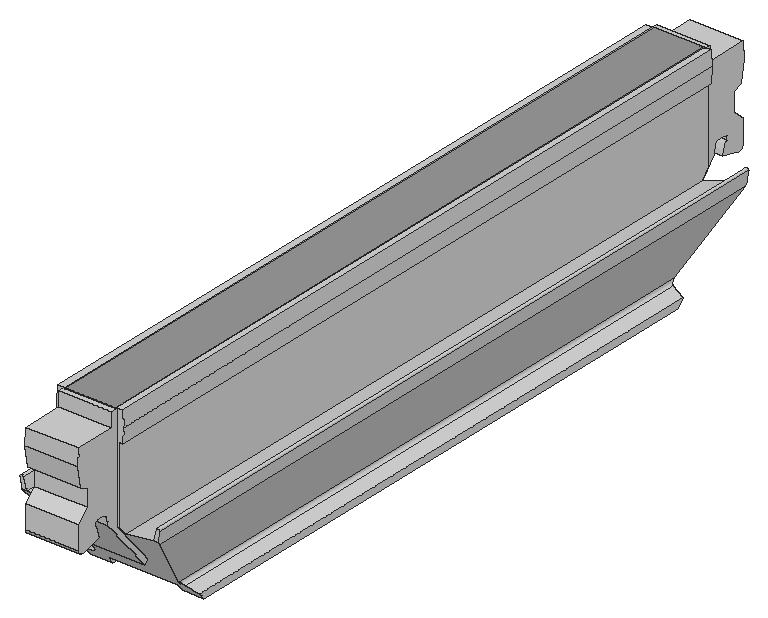
Revit family "CC4_BEAM CC W 27 0,375_1870710", category Generic Models, Revit 2018
Family settings
  Can host rebar = No
  Round Connector Dimension = Use Diameter
  Part Type = Normal
  OmniClass Number = 35.51.14.00
  OmniClass Title = FORMWORK
  Work Plane-Based = Yes
  Always vertical = No
  Cut with Voids When Loaded = No
  Shared = Yes
  Room Calculation Point = No
Parameters
  VERSION = "20190101"  # constant formula
  URL = "www.ulmaconstruction.com/en"
  UNICLASS = ""
  ITEM_CODE = "1870710"
  Manufacturer = "ULMA CONSTRUCTION"  # constant formula
  FILTER [instance] = ""
  Default Elevation = 0.000 mm
  CLASSIFICATION_TITLE = ""
  CLASSIFICATION_NUMBER = ""
Reference planes
  plane 1 "Centro (Frontal/Posterior)": y = 0
  plane 2: z = 0
  plane 3 "Centro (Izquierda/Derecha)": x = 0
  plane 4 "ITEM_LENGTH": y = 750
Forms (mm)
  Extrusion 1, solid, material "ULMA ZINC", detail levels fine
    sketch origin (0, 0, 0) x (1, 0, 0) y (0, 0, 1)
      loop
        line (-21, -27) -> (-26.845, -27) -> (-27.5, -39.498) -> (-27.282, -51.996) -> (-24.5, -51.996) -> (-24.5, -122.603) -> (-52.5, -115.1) -> (-55.064, -105.531)
        arc (-55.064, -105.531) -> (-56.805, -104.448) -> (-58, -106.115) r 1.5
        line (-58, -106.115) -> (-56.512, -117.419) -> (-35.076, -172.601)
        arc (-35.076, -172.601) -> (-35.149, -174.945) -> (-36.886, -176.521) r 3
        line (-36.886, -176.521) -> (-46.986, -180.038) -> (-46.986, -185.998) -> (-29, -185.998) -> (-29, -179.5) -> (29, -179.5) -> (29, -185.998) -> (46.986, -185.998) -> (46.986, -180.038) -> (36.886, -176.521)
        arc (36.886, -176.521) -> (35.149, -174.945) -> (35.076, -172.601) r 3
        line (35.076, -172.601) -> (56.512, -117.419) -> (58, -106.115)
        arc (58, -106.115) -> (56.805, -104.448) -> (55.064, -105.531) r 1.5
        line (55.064, -105.531) -> (52.5, -115.1) -> (24.5, -122.603) -> (24.5, -51.996) -> (27.282, -51.996) -> (27.5, -39.498) -> (26.845, -27) -> (21, -27) -> (21, -76.5) -> (-21, -76.5) -> (-21, -27)
    from -680 to -70
  Extrusion 2, solid, material "ULMA POLYPROPYLENE BLACK"
    sketch origin (0, 0, 0) x (1, 0, 0) y (0, 0, 1)
      loop
        line (-21, -27) -> (-21, -76.5) -> (21, -76.5) -> (21, -27) -> (-21, -27)
    from -680 to -70
  Extrusion 3, solid, material "ULMA ZINC", detail levels fine
    sketch origin (0, 0, 0) x (0, 1, 0) y (0, 0, 1)
      loop
        line (70, -27.52) -> (65, -27.52) -> (65, -39.52) -> (30.211, -39.52) -> (29.97, -53.32) -> (33, -70.32) -> (40, -72.868) -> (40, -87.55) -> (30.844, -96.706) -> (30.844, -115.701)
        arc (30.844, -115.701) -> (32.409, -118.875) -> (35.88, -119.565) r 4
        line (35.88, -119.565) -> (51.009, -115.511)
        arc (51.009, -115.511) -> (50.156, -110.233) -> (47.791, -105.438) r 18.004
        arc (47.791, -105.438) -> (47.629, -102.853) -> (49.844, -101.511) r 2.5
        line (49.844, -101.511) -> (57.072, -101.511)
        arc (57.072, -101.511) -> (58.684, -102.109) -> (59.536, -103.599) r 2.5
        line (59.536, -103.599) -> (60.708, -110.465) -> (99.353, -156.52) -> (102.573, -153.819) -> (70, -115) -> (70, -27.52)
    from -22 to 22
  Extrusion 4, solid, material "ULMA ZINC", detail levels fine
    sketch origin (0, 0, 0) x (0, 1, 0) y (0, 0, 1)
      loop
        line (680, -27.52) -> (680, -115) -> (647.427, -153.819) -> (650.647, -156.52) -> (689.292, -110.465) -> (690.464, -103.599)
        arc (690.464, -103.599) -> (691.316, -102.109) -> (692.928, -101.511) r 2.5
        line (692.928, -101.511) -> (700.156, -101.511)
        arc (700.156, -101.511) -> (702.371, -102.853) -> (702.209, -105.438) r 2.5
        arc (702.209, -105.438) -> (699.844, -110.233) -> (698.991, -115.511) r 18.004
        line (698.991, -115.511) -> (714.12, -119.565)
        arc (714.12, -119.565) -> (717.591, -118.875) -> (719.156, -115.701) r 4
        line (719.156, -115.701) -> (719.156, -96.706) -> (710, -87.55) -> (710, -72.868) -> (717, -70.32) -> (720.03, -53.32) -> (719.789, -39.52) -> (685, -39.52) -> (685, -27.52) -> (680, -27.52)
    from -22 to 22
  Extrusion 5, solid, material "ULMA ZINC", detail levels coarse+medium
    sketch origin (0, 0, 0) x (1, 0, 0) y (0, 0, 1)
      loop
        line (-21, -27) -> (-58, -27) -> (-58, -185.998) -> (58, -185.998) -> (58, -27) -> (21, -27) -> (21, -72) -> (-21, -72) -> (-21, -27)
    from -680 to -70
  Extrusion 6, solid, material "ULMA ZINC", detail levels coarse+medium
    sketch origin (0, 0, 0) x (0, 1, 0) y (0, 0, 1)
      loop
        line (70, -39.52) -> (35, -39.52) -> (35, -101.511) -> (70, -101.511) -> (70, -39.52)
    from -22 to 22
  Extrusion 7, solid, material "ULMA ZINC", detail levels coarse+medium
    sketch origin (0, 0, 0) x (0, 1, 0) y (0, 0, 1)
      loop
        line (680, -39.52) -> (680, -101.511) -> (715, -101.511) -> (715, -39.52) -> (680, -39.52)
    from -22 to 22
  Extrusion 8, void
    sketch origin (0, 0, 0) x (0, 1, 0) y (0, 0, 1)
      loop
        line (68, -112.616) -> (68, -187.998) -> (131.253, -187.998) -> (68, -112.616)
    from -60 to 60
  Extrusion 9, void
    sketch origin (0, 0, 0) x (0, 1, 0) y (0, 0, 1)
      loop
        line (618.747, -187.998) -> (682, -187.998) -> (682, -112.616) -> (618.747, -187.998)
    from -60 to 60
Cuts and joins
  Extrusion 8, Extrusion 9 cuts Extrusion 1
  Extrusion 8, Extrusion 9 cuts Extrusion 5
  Extrusion 8 cuts Extrusion 6
  Extrusion 9 cuts Extrusion 7
Dimensions and locks
  plane 1 "Centro (Frontal/Posterior)" to plane 4 "ITEM_LENGTH" = 750.000 mm
  locked: plane 4 "ITEM_LENGTH" to plane 1 "Centro (Frontal/Posterior)" at 750
  aligned and locked: level to plane 2
